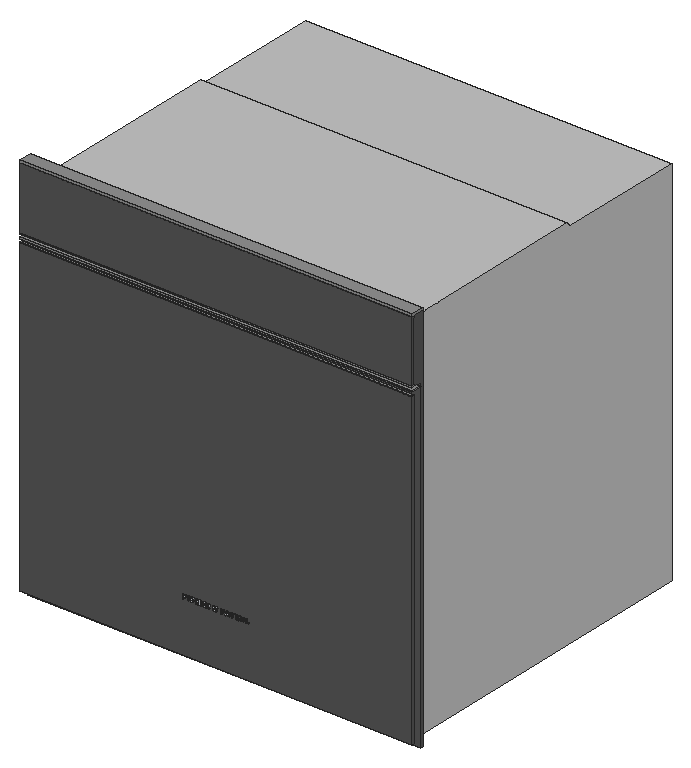
Revit family "FP-Revit20-en-OB24SMPTNB1-WallOven-0-90003589A-AU-NZ-SG-UK-IE-CN", category Specialty Equipment, Revit 2020
Family settings
  Round Connector Dimension = Use Diameter
  Part Type = Normal
  OmniClass Number = 23.40.40.14.17.11
  OmniClass Title = Cookers, Ovens, Stoves
  Work Plane-Based = No
  Always vertical = Yes
  Cut with Voids When Loaded = Yes
  Shared = No
  Room Calculation Point = No
Parameters (values of type "OB24SMPTNB1 (Black Glass)")
  Visibility - Clearance Required = yes
  URL = "www.fisherpaykel.com"
  Product - Height = 598 mm  # constant formula
  Product - Width = 596 mm  # constant formula
  Product - Depth (Exc. Handles) = 565 mm  # constant formula
  Opening - Height = 487 mm  # constant formula
  Model = "OB24SMPTNB1"
  Material - Trim = Fisher & Paykel - Aluminium, Dark
  Material - Structure = Fisher & Paykel - Black
  Material - Glass = Fisher & Paykel - Glass, Black
  Material - Body = Fisher & Paykel - Grey
  Manufacturer = "Fisher & Paykel Appliances"
  FFL Offset [instance] = 900 mm
  Description = "Wall Oven, 60cm, 16 Function"
  Default Elevation = 0 mm
  Connector Description - Electrical = "208 or 240V, 60Hz ,20A"
  Chassis - Width = 556 mm  # constant formula
  Chassis - Height = 575 mm  # constant formula
  Chassis - Depth = 545 mm  # constant formula
  Cavity - Width = 560 mm  # constant formula
  Cavity - Height = 580 mm  # constant formula
  Cavity - Depth = 550 mm  # constant formula
Reference planes
  plane 1 "Datum": y = 0
  plane 2: z = -2
  plane 3 "Center (Left/Right)": x = 0
  plane 4 "Product - LHS": x = -298
  plane 5 "Product - RHS": x = 298
  plane 6 "Cavity - RHS": x = 280
  plane 7 "FFL Offset": z = 898
  plane 8 "Chassis - Depth": y = 545
  plane 9 "Front Face": y = -20
  plane 10 "Chassis - Height": z = 1473
  plane 11 "Cavity - Height": z = 1478
  plane 12 "Opening - Height": z = 1385
  plane 13 "Cavity - LHS": x = -280
  plane 14 "Cavity - Depth": y = 550
  plane 15 "Product - Height": z = 1496
  plane 16 "Opening - RHS": x = 300
  plane 17 "Opening - LHS": x = -300
  plane 18 "Chassis - LHS": x = -278
  plane 19 "Chassis RHS": x = 278
Forms (mm)
  Extrusion 1, solid, material "Fisher & Paykel - Grey" <- "Material - Body"
    sketch origin (0, 0, 0) x (0, 1, 0) y (0, 0, 1)
      loop
        line (0, 1473) -> (0, 898) -> (528, 898) -> (528, 1088) -> (545, 1108) -> (545, 1330) -> (498, 1385) -> (498, 1466) -> (305, 1466) -> (298, 1473) -> (0, 1473)
    from -278 to 278
  Extrusion 2, solid, material "Fisher & Paykel - Black" <- "Material - Structure", detail levels fine
    sketch origin (0, 0, 0) x (0, 1, 0) y (0, 0, 1)
      loop
        line (0, 1492.7) -> (-16, 1492.7) -> (-16, 1396) -> (-4, 1396) -> (-4, 898) -> (0, 898) -> (0, 1492.7)
    from -298 to 298
  Extrusion 3, solid, material "Fisher & Paykel - Glass, Black" <- "Material - Glass", detail levels fine
    sketch origin (0, 0, -3) x (0, 1, 0) y (0, 0, 1)
      loop
        line (-20, 1386.4) -> (-20, 912.8) -> (-16, 912.8) -> (-16, 1386.4) -> (-20, 1386.4)
      loop
        line (-20, 1400.8) -> (-16, 1400.8) -> (-16, 1495.7) -> (-20, 1495.7) -> (-20, 1400.8)
    from -298 to 298
  Extrusion 4, solid, material "Fisher & Paykel - Clearance Required", visible <- "Visibility - Clearance Required", detail levels coarse
    sketch origin (0, 0, -2) x (1, 0, 0) y (0, 1, 0)
      loop
        line (-280, 0) -> (280, 0) -> (280, 550) -> (-280, 550) -> (-280, 0)
    from 900 to 1480
  Extrusion 5, void
    sketch origin (0, 0, 0) x (0, 1, 0) y (0, 0, 1)
      loop
        line (-20, 898) -> (0, 898) -> (0, 1385) -> (-20, 1385) -> (-20, 898)
    from -300 to 300
  Extrusion 6, solid, material "Fisher & Paykel - Grey" <- "Material - Body"
    sketch origin (0, 2, 0) x (0, 1, 0) y (0, 0, 1)
      loop
        line (496, 1433.999) -> (496, 1377) -> (517.999, 1377) -> (517.999, 1433.999) -> (496, 1433.999)
    from -221 to -127
  Extrusion 7, solid, material "Fisher & Paykel - Aluminium, Dark" <- "Material - Trim", detail levels fine
    sketch origin (0, 0, -1.199) x (0, 1, 0) y (0, 0, 1)
      loop
        line (-16, 1397.199) -> (-16, 1398.999) -> (-20, 1398.999) -> (-20, 1397.199) -> (-16, 1397.199)
      loop
        line (-16, 1384.599) -> (-16, 1386.199) -> (-20, 1386.199) -> (-20, 1384.599) -> (-16, 1384.599)
      loop
        line (-4, 1390.799) -> (-4, 1392.399) -> (-20, 1392.399) -> (-20, 1390.799) -> (-4, 1390.799)
      loop
        line (0, 1493.899) -> (0, 1497.199) -> (-20, 1497.199) -> (-20, 1493.899) -> (0, 1493.899)
    from -298 to 298
  Extrusion 8, void
    sketch origin (0, 0, -2) x (1, 0, 0) y (0, 1, 0)
      loop
        line (201.865, 545) -> (229, 498) -> (278, 498) -> (278, 545) -> (201.865, 545)
      loop
        line (-201.865, 545) -> (-278, 545) -> (-278, 498) -> (-229, 498) -> (-201.865, 545)
    from 900 to 1480
  Extrusion 9, solid, material "Fisher & Paykel - Grey" <- "Material - Body"
    sketch origin (0, 6.626, -14.403) x (0, 1, 0) y (0, 0, 1)
      loop
        circle (501.374, 1419.903) r 5
    from -271 to -221
  Extrusion 10, void
    sketch origin (0, 0, -2) x (1, 0, 0) y (0, 1, 0)
      loop
        line (-280, 0) -> (280, 0) -> (280, 550) -> (-280, 550) -> (-280, 0)
    from 900 to 1480
  Extrusion 11, solid, material "Fisher & Paykel - Glass, Black" <- "Material - Glass", detail levels coarse+medium
    sketch origin (0, 0, 0) x (0, 1, 0) y (0, 0, 1)
      loop
        line (0, 1496) -> (-20, 1496) -> (-20, 1396) -> (-4, 1396) -> (-4, 1391.2) -> (-4, 1382.5) -> (-16, 1382.5) -> (-16, 1385) -> (-20, 1385) -> (-20, 909.8) -> (-4, 909.8) -> (-4, 898) -> (0, 898) -> (0, 1496)
    from -298 to 298
  Extrusion 12, solid, material "Fisher & Paykel - Black", detail levels fine
    sketch origin (0, 0, 0) x (0, 1, 0) y (0, 0, 1)
      loop
        line (-16, 1382.5) -> (-16, 909.8) -> (-4, 909.8) -> (-4, 1382.5) -> (-16, 1382.5)
    from -278 to 278
  Extrusion 13, solid, material "Fisher & Paykel - Clearance Required", visible <- "Visibility - Clearance Required", detail levels coarse
    sketch origin (0, 0, -15) x (0, 1, 0) y (0, 0, 1)
      loop
        line (-20, 927.07) -> (-20, 913) -> (0, 913) -> (0, 1400) -> (-20, 1400)
        arc (-20, 1400) -> (-341.757, 1283.845) -> (-490.153, 975.626) r 452.282
        line (-490.153, 975.626) -> (-20, 927.07)
    from -300 to 300
Cuts and joins
  Extrusion 8 cuts Extrusion 1
Text (mm)
  text "Due to ongoing product development, product details are subject to change without notice. \nPlease always refer to www.fisherpaykel.com for the most current product information. \n© Fisher & Paykel 2020" at (41.04, -613.295, 0), in view "Ref. Level (Plan)"
Dimensions and locks
  equal spacing: plane 4 "Product - LHS", plane 3 "Center (Left/Right)", plane 5 "Product - RHS"
  "Product - Width": plane 4 "Product - LHS" to plane 5 "Product - RHS"
  "FFL Offset": plane 7 "FFL Offset" to level
  locked: plane 9 "Front Face" to plane 1 "Datum" at 20
  "Cavity - Height": plane 11 "Cavity - Height" to plane 7 "FFL Offset"
  "Chassis - Height": plane 10 "Chassis - Height" to plane 7 "FFL Offset"
  "Cavity - Depth": plane 1 "Datum" to plane 14 "Cavity - Depth"
  "Cavity - Width": plane 13 "Cavity - LHS" to plane 6 "Cavity - RHS"
  Extrusion 5 to Extrusion 3 = 11.8 mm
  "Chassis - Depth": plane 1 "Datum" to plane 8 "Chassis - Depth"
  equal spacing: plane 13 "Cavity - LHS", plane 3 "Center (Left/Right)", plane 6 "Cavity - RHS"
  "Opening - Height": plane 7 "FFL Offset" to plane 12 "Opening - Height"
  "Product - Height": plane 7 "FFL Offset" to plane 15 "Product - Height"
  equal spacing: cut or joined group of Extrusion 1, Extrusion 8, plane 3 "Center (Left/Right)", cut or joined group of Extrusion 1, Extrusion 8
  "Chassis - Width": cut or joined group of Extrusion 1, Extrusion 8 to cut or joined group of Extrusion 1, Extrusion 8
  nested 1 to plane 15 "Product - Height" = 506 mm
  plane 8 "Chassis - Depth" to plane 9 "Front Face" = 565 mm
  Extrusion 1 sketch curve to Extrusion 1 sketch curve = 190 mm
  locked: nested 1 to Extrusion 13 at 92
  aligned and locked: level to plane 2
  aligned and locked: plane 4 "Product - LHS" to Extrusion 3
  aligned and locked: Extrusion 3 to plane 5 "Product - RHS"
  aligned and locked: plane 4 "Product - LHS" to Extrusion 2
  aligned and locked: Extrusion 2 to plane 5 "Product - RHS"
  aligned and locked: Extrusion 1 to plane 7 "FFL Offset"
  aligned and locked: Extrusion 7 to plane 5 "Product - RHS"
  aligned and locked: Extrusion 7 to Extrusion 3
  aligned and locked: Extrusion 3 to Extrusion 5
  aligned and locked: Extrusion 3 to Extrusion 7
  aligned and locked: Extrusion 7 to plane 1 "Datum"
  aligned and locked: plane 9 "Front Face" to Extrusion 5
  aligned and locked: Extrusion 4 to plane 6 "Cavity - RHS"
  aligned and locked: Extrusion 9 to Extrusion 6
  aligned and locked: plane 11 "Cavity - Height" to Extrusion 4
  aligned and locked: Extrusion 5 to plane 12 "Opening - Height"
  aligned and locked: Extrusion 5 to Extrusion 2
  aligned and locked: Extrusion 7 to plane 15 "Product - Height"
  aligned and locked: Extrusion 7 to Extrusion 2
  aligned and locked: Extrusion 8 to Extrusion 1
  aligned and locked: Extrusion 4 to Extrusion 2
  aligned and locked: Extrusion 4 to Extrusion 8
  aligned and locked: Extrusion 4 to plane 7 "FFL Offset"
  aligned and locked: Extrusion 1 to Extrusion 8
  aligned and locked: Extrusion 11 sketch curve to plane 15 "Product - Height"
  aligned and locked: plane 11 "Cavity - Height" to Extrusion 10
  aligned and locked: Extrusion 2 to Extrusion 10
  aligned and locked: plane 10 "Chassis - Height" to Extrusion 1
  aligned and locked: Extrusion 3 to Extrusion 12
  aligned and locked: Extrusion 2 to Extrusion 3
Automatic sketch dimensions
  Extrusion 2 sketch curve to plane 7 "FFL Offset" = 0 mm
  Extrusion 2 sketch curve to plane 1 "Datum" = 0 mm
  plane 1 "Datum" to Extrusion 2 sketch curve = 4 mm
  Extrusion 2 sketch curve to plane 9 "Front Face" = 4 mm
  Extrusion 2 sketch curve to plane 10 "Chassis - Height" = 77 mm
  plane 15 "Product - Height" to Extrusion 2 sketch curve = 3.3 mm
  Extrusion 3 sketch curve to plane 9 "Front Face" = 0 mm  (x2)
  Extrusion 3 sketch curve to Extrusion 3 sketch curve = 4 mm  (x2)
  plane 7 "FFL Offset" to Extrusion 3 sketch curve = 11.8 mm
  Extrusion 3 sketch curve to plane 10 "Chassis - Height" = 89.6 mm
  Extrusion 3 sketch curve to Extrusion 3 sketch curve = 14.4 mm
  plane 15 "Product - Height" to Extrusion 3 sketch curve = 3.3 mm
  Extrusion 4 sketch curve to plane 13 "Cavity - LHS" = 0 mm
  Extrusion 4 sketch curve to plane 6 "Cavity - RHS" = 0 mm
  plane 1 "Datum" to Extrusion 4 sketch curve = 0 mm
  Extrusion 4 sketch curve to plane 14 "Cavity - Depth" = 0 mm
  Extrusion 5 sketch curve to plane 9 "Front Face" = 0 mm
  Extrusion 5 sketch curve to plane 1 "Datum" = 0 mm
  Extrusion 5 sketch curve to plane 7 "FFL Offset" = 0 mm
  plane 12 "Opening - Height" to Extrusion 5 sketch curve = 0 mm
  Extrusion 6 sketch curve to Extrusion 6 sketch curve = 21.999 mm
  Extrusion 6 sketch curve to plane 10 "Chassis - Height" = 96 mm
  Extrusion 6 sketch curve to plane 10 "Chassis - Height" = 39.001 mm
  Extrusion 7 sketch curve to plane 9 "Front Face" = 0 mm  (x4)
  Extrusion 7 sketch curve to plane 1 "Datum" = 0 mm
  plane 15 "Product - Height" to Extrusion 7 sketch curve = 0 mm
  Extrusion 7 sketch curve to Extrusion 7 sketch curve = 4 mm  (x2)
  plane 1 "Datum" to Extrusion 7 sketch curve = 4 mm
  plane 15 "Product - Height" to Extrusion 7 sketch curve = 3.3 mm
  Extrusion 7 sketch curve to plane 10 "Chassis - Height" = 75.2 mm
  Extrusion 7 sketch curve to Extrusion 7 sketch curve = 1.8 mm
  Extrusion 7 sketch curve to Extrusion 7 sketch curve = 4.8 mm
  Extrusion 7 sketch curve to Extrusion 7 sketch curve = 1.6 mm  (x2)
  Extrusion 7 sketch curve to Extrusion 7 sketch curve = 4.6 mm
  Extrusion 8 sketch curve to plane 8 "Chassis - Depth" = 0 mm  (x2)
  Extrusion 8 sketch curve to plane 18 "Chassis - LHS" = 0 mm
  Extrusion 8 sketch curve to plane 19 "Chassis RHS" = 0 mm
  Extrusion 8 sketch curve to Extrusion 8 sketch curve = 49 mm  (x2)
  Extrusion 8 sketch curve to Extrusion 8 sketch curve = 27.135 mm
  Extrusion 8 sketch curve to Extrusion 8 sketch curve = 76.135 mm
  Extrusion 9 sketch curve to plane 10 "Chassis - Height" = 67.5 mm
  Extrusion 10 sketch curve to plane 13 "Cavity - LHS" = 0 mm
  Extrusion 10 sketch curve to plane 6 "Cavity - RHS" = 0 mm
  plane 1 "Datum" to Extrusion 10 sketch curve = 0 mm
  Extrusion 10 sketch curve to plane 14 "Cavity - Depth" = 0 mm
  Extrusion 11 sketch curve to plane 9 "Front Face" = 0 mm  (x2)
  Extrusion 11 sketch curve to plane 7 "FFL Offset" = 0 mm
  Extrusion 11 sketch curve to plane 1 "Datum" = 0 mm
  Extrusion 11 sketch curve to Extrusion 11 sketch curve = 4 mm
  plane 1 "Datum" to Extrusion 11 sketch curve = 4 mm  (x2)
  plane 7 "FFL Offset" to Extrusion 11 sketch curve = 11.8 mm
  Extrusion 11 sketch curve to plane 10 "Chassis - Height" = 90.5 mm
  Extrusion 11 sketch curve to Extrusion 11 sketch curve = 2.5 mm
  Extrusion 11 sketch curve to Extrusion 11 sketch curve = 8.7 mm
  Extrusion 11 sketch curve to Extrusion 11 sketch curve = 11 mm
  Extrusion 12 sketch curve to plane 9 "Front Face" = 4 mm
  plane 1 "Datum" to Extrusion 12 sketch curve = 4 mm
  plane 7 "FFL Offset" to Extrusion 12 sketch curve = 11.8 mm
  Extrusion 12 sketch curve to plane 10 "Chassis - Height" = 90.5 mm
  Extrusion 6 sketch curve to plane 8 "Chassis - Depth" = 47 mm
  Extrusion 8 sketch curve to plane 8 "Chassis - Depth" = 47 mm  (x2)
  Extrusion 9 sketch curve to plane 8 "Chassis - Depth" = 37 mm
  Extrusion 13 sketch curve to plane 7 "FFL Offset" = 0 mm
  Extrusion 13 sketch curve to plane 9 "Front Face" = 0 mm  (x3)
  Extrusion 13 sketch curve to plane 1 "Datum" = 0 mm
  plane 12 "Opening - Height" to Extrusion 13 sketch curve = 0 mm  (x2)
  plane 9 "Front Face" to Extrusion 13 sketch curve = 18.71 mm
  plane 7 "FFL Offset" to Extrusion 13 sketch curve = 14.07 mm
  Extrusion 13 sketch curve to Extrusion 13 sketch curve = 21.035 mm
  plane 7 "FFL Offset" to Extrusion 13 sketch curve = 62.626 mm
  Extrusion 1 sketch curve to plane 1 "Datum" = 0 mm
  Extrusion 1 sketch curve to plane 10 "Chassis - Height" = 0 mm
  plane 12 "Opening - Height" to Extrusion 1 sketch curve = 0 mm
  Extrusion 1 sketch curve to plane 7 "FFL Offset" = 0 mm
  Extrusion 1 sketch curve to plane 8 "Chassis - Depth" = 0 mm
  Extrusion 1 sketch curve to plane 8 "Chassis - Depth" = 247 mm
  Extrusion 1 sketch curve to Extrusion 1 sketch curve = 7 mm
  Extrusion 1 sketch curve to plane 10 "Chassis - Height" = 7 mm
  Extrusion 1 sketch curve to plane 8 "Chassis - Depth" = 47 mm
  Extrusion 1 sketch curve to plane 8 "Chassis - Depth" = 17 mm
  Extrusion 1 sketch curve to Extrusion 1 sketch curve = 20 mm
  plane 12 "Opening - Height" to Extrusion 1 sketch curve = 55 mm
  radius of Extrusion 9 sketch curve = 5 mm
Nested families
  nested 1: "F&P Logo 100mm" at (0.044, -20, 987.195), type "Grey"
Connectors
  electrical at (-174, 519.999, 1405.5)
    settings: on Extrusion 6, index 1, voltage 240 V, apparent load 0 VA, apparent load phase1 0 VA, apparent load phase2 0 VA, apparent load phase3 0 VA, power factor 1, load classification "Other", number of poles 1, system type 31, power factor state 1, is connector primary yes, connector utility no, sub classification motor no, connector description ""
Definition of nested family "F&P Logo 100mm"
  Parameters (values of type "Grey")
    URL = "www.fisherpaykel.com"
    Material - Logo = none
    Manufacturer = "Fisher & Paykel Appliances"
    Default Elevation = 0 mm
  Reference planes
    plane 1 "Center (Front/Back)": y = 0
    plane 2: z = 0
    plane 3 "Center (Left/Right)": x = 0
    plane 4 "Logo": z = 2.805
  Forms (mm)
    Extrusion 1, solid, material <- "Material - Logo", detail levels fine
      sketch origin (0, 0, 0) x (1, 0, 0) y (0, 0, 1)
        loop
          line (-50.044, 0) -> (-48.47, 0) -> (-48.47, 2.138) -> (-46.011, 2.138) -> (-46.011, 3.472) -> (-48.47, 3.472) -> (-48.47, 4.712) -> (-45.795, 4.712) -> (-45.795, 6.04) -> (-50.044, 6.04) -> (-50.044, 0)
        loop
          line (-42.804, 6.04) -> (-42.804, 0) -> (-41.23, 0) -> (-41.23, 6.04) -> (-42.804, 6.04)
        loop
          line (-30.724, 6.04) -> (-30.724, 0) -> (-29.151, 0) -> (-29.151, 2.42) -> (-26.839, 2.42) -> (-26.839, 0) -> (-25.265, 0) -> (-25.265, 6.04) -> (-26.839, 6.04) -> (-26.839, 3.748) -> (-29.151, 3.748) -> (-29.151, 6.04) -> (-30.724, 6.04)
        loop
          line (-21.906, 6.04) -> (-21.906, 0) -> (-17.602, 0) -> (-17.602, 1.328) -> (-20.347, 1.328) -> (-20.347, 2.42) -> (-17.838, 2.42) -> (-17.838, 3.748) -> (-20.347, 3.748) -> (-20.347, 4.712) -> (-17.602, 4.712) -> (-17.602, 6.04) -> (-21.906, 6.04)
        loop
          line (45.667, 6.04) -> (45.667, 0) -> (49.956, 0) -> (49.956, 1.328) -> (47.241, 1.328) -> (47.241, 6.04) -> (45.667, 6.04)
        loop
          line (42.431, 6.04) -> (38.112, 6.04) -> (38.112, 0) -> (42.431, 0) -> (42.431, 1.328) -> (39.687, 1.328) -> (39.687, 2.42) -> (42.195, 2.42) -> (42.195, 3.748) -> (39.687, 3.748) -> (39.687, 4.712) -> (42.431, 4.712) -> (42.431, 6.04)
        loop
          line (33.443, 3.137) -> (35.683, 6.04) -> (33.844, 6.04) -> (31.915, 3.542) -> (31.915, 6.04) -> (30.342, 6.04) -> (30.342, 0) -> (31.915, 0) -> (31.915, 2.705) -> (33.903, 0) -> (35.747, 0) -> (33.443, 3.137)
        loop
          line (21.98, 6.04) -> (24.262, 2.42) -> (24.262, 0) -> (25.837, 0) -> (25.837, 2.341) -> (28.119, 6.04) -> (26.446, 6.04) -> (25.099, 3.707) -> (23.753, 6.04) -> (21.98, 6.04)
        loop
          line (18.479, 6.04) -> (16.983, 6.04) -> (14.524, 0) -> (16.069, 0) -> (16.501, 1.112) -> (18.786, 1.112) -> (19.219, 0) -> (20.938, 0) -> (18.479, 6.04)
        loop
          line (18.4, 2.439) -> (17.693, 4.174) -> (17.018, 2.439) -> (18.4, 2.439)
        loop
          line (8.031, 6.04) -> (8.031, 0) -> (9.605, 0) -> (9.605, 1.938) -> (10.599, 1.938)
          arc (10.599, 1.938) -> (12.65, 3.989) -> (10.599, 6.04) r 2.051
          line (10.599, 6.04) -> (8.031, 6.04)
        loop
          line (9.605, 4.712) -> (9.605, 3.197) -> (10.501, 3.197)
          arc (10.501, 3.197) -> (11.259, 3.954) -> (10.501, 4.712) r 0.757
          line (10.501, 4.712) -> (9.605, 4.712)
        loop
          line (-11.783, 6.04) -> (-14.366, 6.04) -> (-14.366, 0) -> (-12.792, 0) -> (-12.792, 1.336) -> (-11.992, 1.336) -> (-10.972, 0) -> (-9.153, 0) -> (-10.694, 1.973)
          arc (-10.694, 1.973) -> (-9.678, 4.424) -> (-11.783, 6.04) r 2.179
        loop
          line (-11.897, 4.712) -> (-12.792, 4.712) -> (-12.792, 3.053) -> (-11.897, 3.053)
          arc (-11.897, 3.053) -> (-11.068, 3.882) -> (-11.897, 4.712) r 0.83
        loop
          line (0.477, 4.712) -> (0.477, 6.153) -> (-3.575, 6.153) -> (-3.575, 4.851) -> (-2.974, 4.112)
          arc (-2.974, 4.112) -> (-3.51, 0.684) -> (-0.045, 0.512) r 2.334
          line (-0.045, 0.512) -> (0.46, -0.109) -> (2.246, -0.109) -> (0.86, 1.594) -> (2.061, 3.324) -> (0.443, 3.324) -> (-0.013, 2.667) -> (-1.677, 4.712) -> (0.477, 4.712)
        loop
          arc (-2.125, 3.068) -> (-2.269, 1.668) -> (-0.868, 1.524) r 0.996
          line (-0.868, 1.524) -> (-2.125, 3.068)
        loop
          line (-35.18, 3.634) -> (-36.516, 3.91)
          arc (-36.516, 3.91) -> (-37.049, 4.443) -> (-36.516, 4.976) r 0.533
          arc (-36.516, 4.976) -> (-35.235, 4.79) -> (-34.059, 4.248) r 4.505
          line (-34.059, 4.248) -> (-34.059, 5.743)
          arc (-34.059, 5.743) -> (-35.549, 6.179) -> (-37.1, 6.109) r 4.726
          arc (-37.1, 6.109) -> (-38.536, 4.335) -> (-37.1, 2.561) r 1.814
          line (-37.1, 2.561) -> (-35.754, 2.282)
          arc (-35.754, 2.282) -> (-35.221, 1.749) -> (-35.754, 1.216) r 0.533
          arc (-35.754, 1.216) -> (-37.035, 1.402) -> (-38.211, 1.945) r 4.505
          line (-38.211, 1.945) -> (-38.211, 0.449)
          arc (-38.211, 0.449) -> (-36.72, 0.013) -> (-35.169, 0.083) r 4.726
          arc (-35.169, 0.083) -> (-33.734, 1.863) -> (-35.18, 3.634) r 1.814
      from 0 to 0.8
  Dimensions and locks
    aligned and locked: level to plane 2
